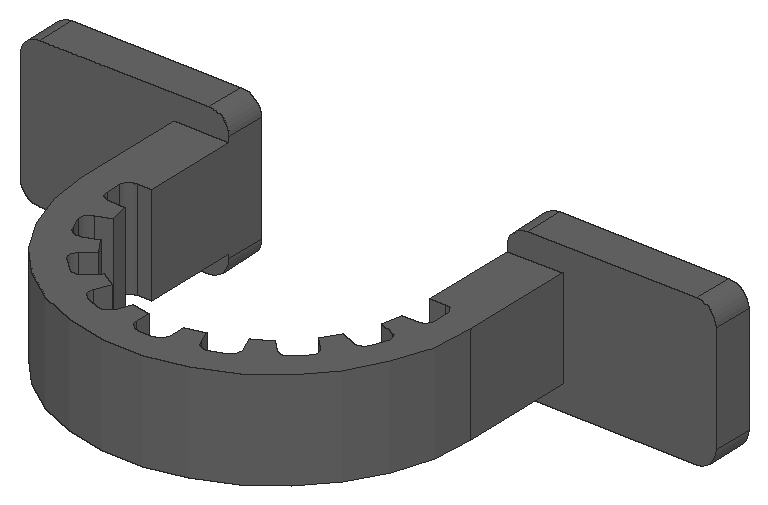
Revit family "UPEX_Abraca_Distribuidor", category Pipe Accessories, Revit 2025
Family settings
  Round Connector Dimension = Use Diameter
  Part Type = Normal
  OmniClass Number = 23.60.30.11.14
  OmniClass Title = Pipework Fittings
  Work Plane-Based = No
  Always vertical = Yes
  Cut with Voids When Loaded = No
  Shared = No
Parameters
  URL = "https://www.ultrapex.com.br/_files/ugd/9f3173_32d47a29bbff48b5af4781a5d529eee8.pdf"
  ULTRAPEX: Versão = "00"  # constant formula
  ULTRAPEX: Norma Técnica = "NBR 15939"  # constant formula
  ULTRAPEX: Descrição = "Abraçadeira Graduada de Distribuidores - ULTRAPEX"
  ULTRAPEX: Código = 7090034
  Type Image = capture_250804_173640.jpg
  Material Metálico = Aço ULTRAPEX
  IfcExportAs = "IfcPipeFittingType"  # constant formula
  Manufacturer = "UltraPEX"  # constant formula
  Espessura Bancada [instance] = 5 mm
  Default Elevation = 0 mm
  Description = ULTRAPEX: Descrição  # "Abraçadeira Graduada de Distribuidores - ULTRAPEX"
Reference planes
  plane 1 "Centro (Frente/Trás)": y = 0
  plane 2: z = 0
  plane 3 "Centro (Esquerda/Direita)": x = 0
Forms (mm)
  Extrusion 1, solid, material "Aço ULTRAPEX" <- "Material Metálico", detail levels medium+fine
    sketch origin (0, 0, 0) x (1, 0, 0) y (0, 1, 0)
      loop
        line (-19.5, 0) -> (-19.5, -15.5)
        arc (-19.5, -15.5) -> (0, -35) -> (19.5, -15.5) r 19.5
        line (19.5, -15.5) -> (19.5, 0) -> (14, 0) -> (14, -13.722) -> (15.511, -13.722)
        arc (15.511, -13.722) -> (16.219, -14.015) -> (16.511, -14.722) r 1
        line (16.511, -14.722) -> (16.511, -16.222)
        arc (16.511, -16.222) -> (16.219, -16.93) -> (15.511, -17.222) r 1
        line (15.511, -17.222) -> (13.889, -17.222)
        arc (13.889, -17.222) -> (13.728, -18.208) -> (13.497, -19.18) r 14
        line (13.497, -19.18) -> (14.998, -19.802)
        arc (14.998, -19.802) -> (15.539, -20.343) -> (15.539, -21.109) r 1
        line (15.539, -21.109) -> (14.965, -22.495)
        arc (14.965, -22.495) -> (14.424, -23.036) -> (13.659, -23.036) r 1
        line (13.659, -23.036) -> (12.153, -22.412)
        arc (12.153, -22.412) -> (11.635, -23.248) -> (11.059, -24.045) r 14
        line (11.059, -24.045) -> (12.225, -25.211)
        arc (12.225, -25.211) -> (12.518, -25.918) -> (12.225, -26.625) r 1
        line (12.225, -26.625) -> (11.165, -27.686)
        arc (11.165, -27.686) -> (10.457, -27.979) -> (9.75, -27.686) r 1
        line (9.75, -27.686) -> (8.584, -26.52)
        arc (8.584, -26.52) -> (7.778, -27.102) -> (6.932, -27.624) r 14
        line (6.932, -27.624) -> (7.563, -29.147)
        arc (7.563, -29.147) -> (7.563, -29.913) -> (7.022, -30.454) r 1
        line (7.022, -30.454) -> (5.636, -31.028)
        arc (5.636, -31.028) -> (4.871, -31.028) -> (4.33, -30.487) r 1
        line (4.33, -30.487) -> (3.699, -28.964)
        arc (3.699, -28.964) -> (2.731, -29.192) -> (1.75, -29.351) r 14
        line (1.75, -29.351) -> (1.75, -31)
        arc (1.75, -31) -> (1.457, -31.707) -> (0.75, -32) r 1
        line (0.75, -32) -> (-0.75, -32)
        arc (-0.75, -32) -> (-1.457, -31.707) -> (-1.75, -31) r 1
        line (-1.75, -31) -> (-1.75, -29.351)
        arc (-1.75, -29.351) -> (-2.731, -29.192) -> (-3.699, -28.964) r 14
        line (-3.699, -28.964) -> (-4.33, -30.487)
        arc (-4.33, -30.487) -> (-4.871, -31.028) -> (-5.636, -31.028) r 1
        line (-5.636, -31.028) -> (-7.022, -30.454)
        arc (-7.022, -30.454) -> (-7.563, -29.913) -> (-7.563, -29.147) r 1
        line (-7.563, -29.147) -> (-6.932, -27.624)
        arc (-6.932, -27.624) -> (-7.778, -27.102) -> (-8.584, -26.52) r 14
        line (-8.584, -26.52) -> (-9.75, -27.686)
        arc (-9.75, -27.686) -> (-10.457, -27.979) -> (-11.165, -27.686) r 1
        line (-11.165, -27.686) -> (-12.225, -26.625)
        arc (-12.225, -26.625) -> (-12.518, -25.918) -> (-12.225, -25.211) r 1
        line (-12.225, -25.211) -> (-11.059, -24.045)
        arc (-11.059, -24.045) -> (-11.635, -23.248) -> (-12.153, -22.412) r 14
        line (-12.153, -22.412) -> (-13.659, -23.036)
        arc (-13.659, -23.036) -> (-14.424, -23.036) -> (-14.965, -22.495) r 1
        line (-14.965, -22.495) -> (-15.539, -21.109)
        arc (-15.539, -21.109) -> (-15.539, -20.343) -> (-14.998, -19.802) r 1
        line (-14.998, -19.802) -> (-13.497, -19.18)
        arc (-13.497, -19.18) -> (-13.728, -18.208) -> (-13.889, -17.222) r 14
        line (-13.889, -17.222) -> (-15.511, -17.222)
        arc (-15.511, -17.222) -> (-16.219, -16.93) -> (-16.511, -16.222) r 1
        line (-16.511, -16.222) -> (-16.511, -14.722)
        arc (-16.511, -14.722) -> (-16.219, -14.015) -> (-15.511, -13.722) r 1
        line (-15.511, -13.722) -> (-14, -13.722) -> (-14, 0) -> (-19.5, 0)
    from -5 to 5
  Extrusion 2, void
    sketch origin (0, 0, 0) x (1, 0, 0) y (0, 0, 1)
      loop
        circle (28, 0) r 3.15
      loop
        circle (-28, 0) r 3.15
    from 0 to 3
  Extrusion 3, solid, material "Aço ULTRAPEX" <- "Material Metálico", detail levels medium+fine
    sketch origin (0, 0, 0) x (1, 0, 0) y (0, 0, 1)
      loop
        line (-33, -7.5) -> (-16, -7.5)
        arc (-16, -7.5) -> (-14.586, -6.914) -> (-14, -5.5) r 2
        line (-14, -5.5) -> (-14, 5.5)
        arc (-14, 5.5) -> (-14.586, 6.914) -> (-16, 7.5) r 2
        line (-16, 7.5) -> (-33, 7.5)
        arc (-33, 7.5) -> (-34.414, 6.914) -> (-35, 5.5) r 2
        line (-35, 5.5) -> (-35, -5.5)
        arc (-35, -5.5) -> (-34.414, -6.914) -> (-33, -7.5) r 2
      loop
        arc (33, -7.5) -> (34.414, -6.914) -> (35, -5.5) r 2
        line (35, -5.5) -> (35, 5.5)
        arc (35, 5.5) -> (34.414, 6.914) -> (33, 7.5) r 2
        line (33, 7.5) -> (16, 7.5)
        arc (16, 7.5) -> (14.586, 6.914) -> (14, 5.5) r 2
        line (14, 5.5) -> (14, -5.5)
        arc (14, -5.5) -> (14.586, -6.914) -> (16, -7.5) r 2
        line (16, -7.5) -> (33, -7.5)
    from 0 to 4
Cuts and joins
  Extrusion 2 cuts Extrusion 1
  Extrusion 2 cuts Extrusion 3
  joined: Extrusion 1, Extrusion 3
Dimensions and locks
  aligned and locked: level to plane 2
